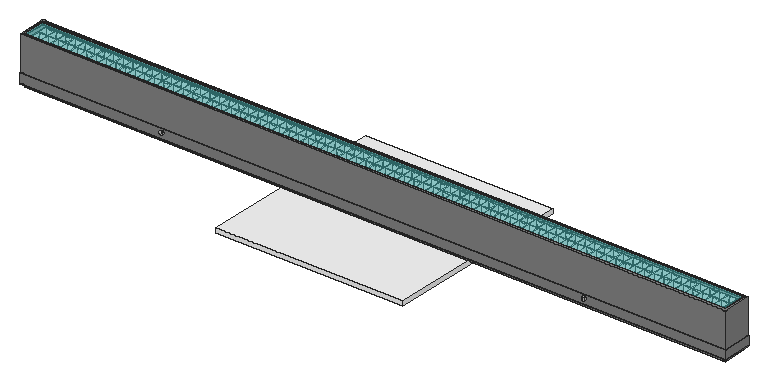
Revit family "BE_24311_de_DE", category Leuchten, Revit 2020
Family settings
  Basisbauteil = Fläche
  Bemaßung runder Anschluss = Durchmesser verwenden
  Teiletyp = Normal
  Beim Laden mit Abzugskörper schneiden = Ja
  Lichtquelle = Ja
  Gemeinsam genutzt = Nein
  Raumberechnungspunkt = Ja
Parameters (values of type "BEGA_24311_Grafit_K4")
  built-in parameter 1150104 = 16.606 (stored number, unit not read)
  Wattage = 48 W
  Default Elevation = 0 mm
  built-in parameter 1150113 = 1 (stored number, unit not read)
  built-in parameter 1114218 = 1 (stored number, unit not read)
  Umgebungstemperatur = "25 °C"
  URL = "https://www.bega.com/de/produkt/24311"
  Typenkommentare = "© 2022 BEGA. Wir behalten uns das Recht vor, technische Änderungen ohne vorherige Ankündigung vorzunehmen."  # constant formula
  Type Image = 24311.png
  built-in parameter 1150134 = 12
  built-in parameter 1150109 = 1 (stored number, unit not read)
  Strom = ""
  built-in parameter 1150110 = 1 (stored number, unit not read)
  Spannung = 239.996 V
  Sonderanfertigung = no
  Seriennummer [instance] = "Hier können Sie die eindeutige Seriennummer für das Facility Management eintragen."
  Schutzklasse = "I"
  Schutzart = "IP 65"
  Scheinlast = 0 VA
  Produktdatenblatt = "https://cdn.bega.com/bega/products/24311K3/current/documents/data-sheets/de"
  Oberflächentemperatur = ""
  Neigungswinkel = 0.00°
  Modell = "24311K4"
  Material_17 = BEGA_Reflektor
  Material_15 = BEGA_Leuchtmedium_matt
  Material_11 = BEGA_Glas_opal
  Material_09 = BEGA_Glas_klar
  Material_06 = BEGA_Oberfläche_Edelstahl_gebürstet
  Material_05 = BEGA_Oberfläche_Aluminium Guss
  Material_03 = BEGA_Oberfläche_Weiss_matt
  Material_02 = BEGA_Oberfläche_Silber_matt
  Material_01 [instance] = BEGA_Oberfläche_Grafit_matt
  M_W = no
  M_G = yes
  M_A = no
  Logo = 0
  built-in parameter 1114217 = 1 (stored number, unit not read)
  built-in parameter 1150139 = (empty or 0)
  built-in parameter 1150105 = 682.77 (stored number, unit not read)
  built-in parameter 1150114 = 1 (stored number, unit not read)
  Lumens = 8580 lm
  built-in parameter 1150115 = 1 (stored number, unit not read)
  Leuchtenlichtstrom = "4926 lm"
  Leuchtenanzahl = ""
  Lebensdauerkriterien = "L70B50 @ 25 °C = 200000 h"
  Lastklassifizierung = Beleuchtung
  built-in parameter 1150112 = 1 (stored number, unit not read)
  Lampenlichtstrom = "9090 lm"
  Lampe = "LED 47.4 W"
  LED_Modulbezeichnung = "LED-0772/840"
  built-in parameter 1150142 = (empty or 0)
  Hersteller = "BEGA"  # constant formula
  Halbstreuwinkel = ""
  Gewicht = "9.35 kg"
  Gebrauchslageneinschränkung [instance] = ""
  Frequenz = "0/50-60 Hz"
  Farbwiedergabeindex = "CRI > 80"
  Farbtemperaturverschiebung bei Dämpfen der Lampe = <Keine Auswahl>
  Farbtemperatur = "4000 K"
  Color Filter = 16777215
  built-in parameter 1150133 = 10 (stored number, unit not read)
  Energieeffizienzklasse = "LED A++ - A"
  built-in parameter 1150137 = (empty or 0)
  built-in parameter 1150132 = (empty or 0)
  ENEC = "ja"
  Dimmbar [instance] = "DALI"
  Datei für fotometrisches Netz = "BE_24311K4.IES"
  CE_Konformität = "ja"
  Bestellnummer = "24311K4"
  Beschreibung_Sonderanfertigung = "Hier können Sie Informationen zur Sonderanfertigung eintragen."
  Beschreibung = "Deckenaufbau-Tiefstrahler"
  built-in parameter 1150106 = 6.8277 (stored number, unit not read)
  Befestigungsbohrung = "Ø 7 mm"
  Befestigungsabstand = "1100 mm"
  Ballwurfsicher = ""
  BEGA_Intern_aus = yes
  BEGA_Intern_an = yes
  BEGA_Intern_Konstruktion = yes
  BEGA_Intern = yes
  BEGA_IES = yes
  BEGA_Dummy = no
  Anschlussleitung = ""
  Anschlussleistung [instance] = "54.4 W"
  Anschlusskasten = ""
  built-in parameter 1150107 = 4000 (stored number, unit not read)
  built-in parameter 1150102 = (empty or 0)
  built-in parameter 1150138 = (empty or 0)
  Aktualisierung = "2022-05-18T04:00:07"
  Abstand_zur_angestrahlten_Fläche [instance] = ""
  AC/DC = "AC/DC"
Types (2, lengths in mm): name | built-in parameter 1150104 | built-in parameter 1150134 | Modell | built-in parameter 1150105 | Lumens | Leuchtenlichtstrom | Lampenlichtstrom | LED_Modulbezeichnung | Farbtemperatur | Datei für fotometrisches Netz | Bestellnummer | built-in parameter 1150106 | built-in parameter 1150107
  BEGA_24311_Grafit_K4 | 16.606 (stored number, unit not read) | 12 | "24311K4" | 682.77 (stored number, unit not read) | 8580 lm | "4926 lm" | "9090 lm" | "LED-0772/840" | "4000 K" | "BE_24311K4.IES" | "24311K4" | 6.8277 (stored number, unit not read) | 4000 (stored number, unit not read)
  BEGA_24311_Grafit_K3 | 16.258 (stored number, unit not read) | (empty or 0) | "24311K3" | 668.45 (stored number, unit not read) | 8400 lm | "4791 lm" | "8850 lm" | "LED-0772/830" | "3000 K" | "BE_24311K3.IES" | "24311K3" | 6.6845 (stored number, unit not read) | 3000 (stored number, unit not read)
Reference planes
  plane 1 "Mitte (Vorne/Hinten)": y = 0
  plane 2: z = 0
  plane 3 "Mitte (Links/Rechts)": x = 0
  plane 4 "Links": x = -751.985
  plane 5 "Rechts": x = 751.985
  plane 6 "Unten": y = -30
  plane 7 "Oben": y = 30
  plane 8 "Vorne": z = 101
  plane 9 "Hinten": z = 0
Forms (mm)
  Extrusion 1, solid, material "BEGA_Platte_Weiss"
    sketch origin (0, -1119.2, 0) x (1, 0, 0) y (0, 1, 0)
      loop
        line (-200, 1319.2) -> (-200, 919.2) -> (200, 919.2) -> (200, 1319.2) -> (-200, 1319.2)
    from 0 to -10
  Extrusion 2, solid, material "BEGA_Dummy_matt", visible <- "BEGA_Dummy"
    sketch origin (80.095, -76.023, 0) x (1, 0, 0) y (0, 1, 0)
      loop
        line (-832.08, 106.023) -> (-832.08, 46.023) -> (671.889, 46.023) -> (671.889, 106.023) -> (-832.08, 106.023)
    from 0 to 101
Dimensions and locks
  plane 1 "Mitte (Vorne/Hinten)" to Extrusion 1 = 200 mm
  aligned and locked: plane 2 to Extrusion 1
  aligned and locked: level to Extrusion 1
Nested families
  nested 1: "BE_24311" at (0, 0, 0) x (-1, 0, 0) z (0, 0, 1), type "BE_24311"
Connectors
  electrical at (0, 0, 0), driven by "Lastklassifizierung", driven by "Spannung", driven by "Scheinlast"
    settings: index 1, voltage 239.996 V, apparent load 0 VA, apparent load phase1 0 VA, apparent load phase2 0 VA, apparent load phase3 0 VA, power factor 1, load classification "Beleuchtung", number of poles 1, system type 31, power factor state 1, is connector primary yes, connector utility no, sub classification motor no, connector description ""
Definition of nested family "BE_24311"
  Parameters (values of type "BE_24311")
    Default Elevation = 1 mm
    URL = "http://www.bega.de/de/produkt"
    Type Comments = "© 2015 BEGA. Wir behalten uns das Recht vor, technische Änderungen ohne vorherige Ankündigung vorzunehmen. "  # constant formula
    Type Image = (empty or 0)
    Neigungswinkel_um_Z2 = 0.00°
    Neigungswinkel_um_Z1 = 0.00°
    Neigungswinkel_um_Y2 = 0.00°
    Neigungswinkel_um_Y1 = 0.00°
    Neigungswinkel_um_X2 = 0.00°
    Neigungswinkel_um_X1 = 0.00°
    Material_17 = none
    Material_15 = none
    Material_11 = none
    Material_09 = none
    Material_06 = none
    Material_05 = none
    Material_03 = none
    Material_02 = none
    Material_01 = none
    M_W = yes
    M_G = yes
    M_A = yes
    Länge_Platte = 1700 mm  # constant formula
    Höhe_Platte = -10 mm  # constant formula
    Manufacturer = "BEGA"  # constant formula
    Drehwinkel_um_Z2 = 0.00°
    Drehwinkel_um_Z1 = 0.00°
    Breite_Platte = 200 mm  # constant formula
  Reference planes
    plane 1 "Mitte (Oben/Unten)": y = 0
    plane 2: z = 0
    plane 3 "Mitte (Links/Rechts)": x = 0
    plane 4: z = 101
    plane 5: y = 30
    plane 6: y = -30
    plane 7: x = -751.985
    plane 8: x = 751.985
  Forms (mm)
    Extrusion 1, solid, detail levels medium
      sketch origin (0, 0, 0) x (1, 0, 0) y (0, 1, 0)
        loop
          line (-850, 100) -> (-850, -100) -> (850, -100) -> (850, 100) -> (-850, 100)
      from 0 to -10 <- "Höhe_Platte"
    Extrusion 2, solid, material <- "Material_17", detail levels medium+fine
      sketch origin (0, 0, 0) x (1, 0, 0) y (0, 0, 1)
        loop
          line (-245.223, 94.045) -> (-238.903, 68.352) -> (-238.903, 70.445) -> (-245.2, 96.045) -> (-246.8, 96.045) -> (-253.097, 70.445) -> (-253.097, 68.352) -> (-246.777, 94.045) -> (-245.223, 94.045)
        loop
          line (-232.297, 68.352) -> (-225.977, 94.045) -> (-225.023, 94.045) -> (-218.703, 68.352) -> (-218.703, 70.445) -> (-225, 96.045) -> (-226, 96.045) -> (-232.297, 70.445) -> (-232.297, 68.352)
        loop
          line (-205.8, 96.045) -> (-212.097, 70.445) -> (-212.097, 68.352) -> (-205.777, 94.045) -> (-204.223, 94.045) -> (-197.903, 68.352) -> (-197.903, 70.445) -> (-204.2, 96.045) -> (-205.8, 96.045)
        loop
          line (-185, 96.045) -> (-191.297, 70.445) -> (-191.297, 68.352) -> (-184.977, 94.045) -> (-184.023, 94.045) -> (-177.703, 68.352) -> (-177.703, 70.445) -> (-184, 96.045) -> (-185, 96.045)
        loop
          line (-163.2, 96.045) -> (-164.8, 96.045) -> (-171.097, 70.445) -> (-171.097, 68.352) -> (-164.777, 94.045) -> (-163.223, 94.045) -> (-156.903, 68.352) -> (-156.903, 70.445) -> (-163.2, 96.045)
        loop
          line (-144, 96.045) -> (-150.297, 70.445) -> (-150.297, 68.352) -> (-143.977, 94.045) -> (-143.023, 94.045) -> (-136.703, 68.352) -> (-136.703, 70.445) -> (-143, 96.045) -> (-144, 96.045)
        loop
          line (-123.777, 94.045) -> (-122.223, 94.045) -> (-115.903, 68.352) -> (-115.903, 70.445) -> (-122.2, 96.045) -> (-123.8, 96.045) -> (-130.097, 70.445) -> (-130.097, 68.352) -> (-123.777, 94.045)
        loop
          line (-102, 96.045) -> (-103, 96.045) -> (-109.297, 70.445) -> (-109.297, 68.352) -> (-102.977, 94.045) -> (-102.023, 94.045) -> (-95.703, 68.352) -> (-95.703, 70.445) -> (-102, 96.045)
        loop
          line (-89.097, 68.352) -> (-82.777, 94.045) -> (-81.223, 94.045) -> (-74.903, 68.352) -> (-74.903, 70.445) -> (-81.2, 96.045) -> (-82.8, 96.045) -> (-89.097, 70.445) -> (-89.097, 68.352)
        loop
          line (-68.297, 68.352) -> (-61.977, 94.045) -> (-61.023, 94.045) -> (-54.703, 68.352) -> (-54.703, 70.445) -> (-61, 96.045) -> (-62, 96.045) -> (-68.297, 70.445) -> (-68.297, 68.352)
        loop
          line (-41.8, 96.045) -> (-48.097, 70.445) -> (-48.097, 68.352) -> (-41.777, 94.045) -> (-40.223, 94.045) -> (-33.903, 68.352) -> (-33.903, 70.445) -> (-40.2, 96.045) -> (-41.8, 96.045)
        loop
          line (-20.977, 94.045) -> (-20.023, 94.045) -> (-13.703, 68.352) -> (-13.703, 70.445) -> (-20, 96.045) -> (-21, 96.045) -> (-27.297, 70.445) -> (-27.297, 68.352) -> (-20.977, 94.045)
        loop
          line (0.8, 96.045) -> (-0.8, 96.045) -> (-7.097, 70.445) -> (-7.097, 68.352) -> (-0.777, 94.045) -> (0.777, 94.045) -> (7.097, 68.352) -> (7.097, 70.445) -> (0.8, 96.045)
        loop
          line (-286.223, 94.045) -> (-279.903, 68.352) -> (-279.903, 70.445) -> (-286.2, 96.045) -> (-287.8, 96.045) -> (-294.097, 70.445) -> (-294.097, 68.352) -> (-287.777, 94.045) -> (-286.223, 94.045)
        loop
          line (-273.297, 68.352) -> (-266.977, 94.045) -> (-266.023, 94.045) -> (-259.703, 68.352) -> (-259.703, 70.445) -> (-266, 96.045) -> (-267, 96.045) -> (-273.297, 70.445) -> (-273.297, 68.352)
        loop
          line (-327.223, 94.045) -> (-320.903, 68.352) -> (-320.903, 70.445) -> (-327.2, 96.045) -> (-328.8, 96.045) -> (-335.097, 70.445) -> (-335.097, 68.352) -> (-328.777, 94.045) -> (-327.223, 94.045)
        loop
          line (-314.297, 68.352) -> (-307.977, 94.045) -> (-307.023, 94.045) -> (-300.703, 68.352) -> (-300.703, 70.445) -> (-307, 96.045) -> (-308, 96.045) -> (-314.297, 70.445) -> (-314.297, 68.352)
        loop
          line (-368.223, 94.045) -> (-361.903, 68.352) -> (-361.903, 70.445) -> (-368.2, 96.045) -> (-369.8, 96.045) -> (-376.097, 70.445) -> (-376.097, 68.352) -> (-369.777, 94.045) -> (-368.223, 94.045)
        loop
          line (-355.297, 68.352) -> (-348.977, 94.045) -> (-348.023, 94.045) -> (-341.703, 68.352) -> (-341.703, 70.445) -> (-348, 96.045) -> (-349, 96.045) -> (-355.297, 70.445) -> (-355.297, 68.352)
        loop
          line (-409.223, 94.045) -> (-402.903, 68.352) -> (-402.903, 70.445) -> (-409.2, 96.045) -> (-410.8, 96.045) -> (-417.097, 70.445) -> (-417.097, 68.352) -> (-410.777, 94.045) -> (-409.223, 94.045)
        loop
          line (-396.297, 68.352) -> (-389.977, 94.045) -> (-389.023, 94.045) -> (-382.703, 68.352) -> (-382.703, 70.445) -> (-389, 96.045) -> (-390, 96.045) -> (-396.297, 70.445) -> (-396.297, 68.352)
        loop
          line (-450.223, 94.045) -> (-443.903, 68.352) -> (-443.903, 70.445) -> (-450.2, 96.045) -> (-451.8, 96.045) -> (-458.097, 70.445) -> (-458.097, 68.352) -> (-451.777, 94.045) -> (-450.223, 94.045)
        loop
          line (-437.297, 68.352) -> (-430.977, 94.045) -> (-430.023, 94.045) -> (-423.703, 68.352) -> (-423.703, 70.445) -> (-430, 96.045) -> (-431, 96.045) -> (-437.297, 70.445) -> (-437.297, 68.352)
        loop
          line (-491.223, 94.045) -> (-484.903, 68.352) -> (-484.903, 70.445) -> (-491.2, 96.045) -> (-492.8, 96.045) -> (-499.097, 70.445) -> (-499.097, 68.352) -> (-492.777, 94.045) -> (-491.223, 94.045)
        loop
          line (-478.297, 68.352) -> (-471.977, 94.045) -> (-471.023, 94.045) -> (-464.703, 68.352) -> (-464.703, 70.445) -> (-471, 96.045) -> (-472, 96.045) -> (-478.297, 70.445) -> (-478.297, 68.352)
        loop
          line (-738.5, 95.215) -> (-737.511, 95.215) -> (-730.903, 68.352) -> (-730.903, 70.445) -> (-737.2, 96.045) -> (-738.5, 96.045) -> (-738.5, 95.215)
        loop
          line (-532.223, 94.045) -> (-525.903, 68.352) -> (-525.903, 70.445) -> (-532.2, 96.045) -> (-533.8, 96.045) -> (-540.097, 70.445) -> (-540.097, 68.352) -> (-533.777, 94.045) -> (-532.223, 94.045)
        loop
          line (-519.297, 68.352) -> (-512.977, 94.045) -> (-512.023, 94.045) -> (-505.703, 68.352) -> (-505.703, 70.445) -> (-512, 96.045) -> (-513, 96.045) -> (-519.297, 70.445) -> (-519.297, 68.352)
        loop
          line (-573.223, 94.045) -> (-566.903, 68.352) -> (-566.903, 70.445) -> (-573.2, 96.045) -> (-574.8, 96.045) -> (-581.097, 70.445) -> (-581.097, 68.352) -> (-574.777, 94.045) -> (-573.223, 94.045)
        loop
          line (-560.297, 68.352) -> (-553.977, 94.045) -> (-553.023, 94.045) -> (-546.703, 68.352) -> (-546.703, 70.445) -> (-553, 96.045) -> (-554, 96.045) -> (-560.297, 70.445) -> (-560.297, 68.352)
        loop
          line (-614.223, 94.045) -> (-607.903, 68.352) -> (-607.903, 70.445) -> (-614.2, 96.045) -> (-615.8, 96.045) -> (-622.097, 70.445) -> (-622.097, 68.352) -> (-615.777, 94.045) -> (-614.223, 94.045)
        loop
          line (-601.297, 68.352) -> (-594.977, 94.045) -> (-594.023, 94.045) -> (-587.703, 68.352) -> (-587.703, 70.445) -> (-594, 96.045) -> (-595, 96.045) -> (-601.297, 70.445) -> (-601.297, 68.352)
        loop
          line (-655.223, 94.045) -> (-648.903, 68.352) -> (-648.903, 70.445) -> (-655.2, 96.045) -> (-656.8, 96.045) -> (-663.097, 70.445) -> (-663.097, 68.352) -> (-656.777, 94.045) -> (-655.223, 94.045)
        loop
          line (-642.297, 68.352) -> (-635.977, 94.045) -> (-635.023, 94.045) -> (-628.703, 68.352) -> (-628.703, 70.445) -> (-635, 96.045) -> (-636, 96.045) -> (-642.297, 70.445) -> (-642.297, 68.352)
        loop
          line (-696.223, 94.045) -> (-689.903, 68.352) -> (-689.903, 70.445) -> (-696.2, 96.045) -> (-697.8, 96.045) -> (-704.098, 70.445) -> (-704.098, 68.352) -> (-697.777, 94.045) -> (-696.223, 94.045)
        loop
          line (-683.297, 68.352) -> (-676.977, 94.045) -> (-676.023, 94.045) -> (-669.703, 68.352) -> (-669.703, 70.445) -> (-676, 96.045) -> (-677, 96.045) -> (-683.297, 70.445) -> (-683.297, 68.352)
        loop
          line (-724.298, 68.352) -> (-717.977, 94.045) -> (-717.023, 94.045) -> (-710.703, 68.352) -> (-710.703, 70.445) -> (-717, 96.045) -> (-718, 96.045) -> (-724.298, 70.445) -> (-724.298, 68.352)
        loop
          line (245.223, 94.045) -> (246.777, 94.045) -> (253.097, 68.352) -> (253.097, 70.445) -> (246.8, 96.045) -> (245.2, 96.045) -> (238.903, 70.445) -> (238.903, 68.352) -> (245.223, 94.045)
        loop
          line (232.297, 68.352) -> (232.297, 70.445) -> (226, 96.045) -> (225, 96.045) -> (218.703, 70.445) -> (218.703, 68.352) -> (225.023, 94.045) -> (225.977, 94.045) -> (232.297, 68.352)
        loop
          line (205.8, 96.045) -> (204.2, 96.045) -> (197.903, 70.445) -> (197.903, 68.352) -> (204.223, 94.045) -> (205.777, 94.045) -> (212.097, 68.352) -> (212.097, 70.445) -> (205.8, 96.045)
        loop
          line (185, 96.045) -> (184, 96.045) -> (177.703, 70.445) -> (177.703, 68.352) -> (184.023, 94.045) -> (184.977, 94.045) -> (191.297, 68.352) -> (191.297, 70.445) -> (185, 96.045)
        loop
          line (163.2, 96.045) -> (156.903, 70.445) -> (156.903, 68.352) -> (163.223, 94.045) -> (164.777, 94.045) -> (171.097, 68.352) -> (171.097, 70.445) -> (164.8, 96.045) -> (163.2, 96.045)
        loop
          line (144, 96.045) -> (143, 96.045) -> (136.703, 70.445) -> (136.703, 68.352) -> (143.023, 94.045) -> (143.977, 94.045) -> (150.297, 68.352) -> (150.297, 70.445) -> (144, 96.045)
        loop
          line (123.777, 94.045) -> (130.097, 68.352) -> (130.097, 70.445) -> (123.8, 96.045) -> (122.2, 96.045) -> (115.903, 70.445) -> (115.903, 68.352) -> (122.223, 94.045) -> (123.777, 94.045)
        loop
          line (102, 96.045) -> (95.703, 70.445) -> (95.703, 68.352) -> (102.023, 94.045) -> (102.977, 94.045) -> (109.297, 68.352) -> (109.297, 70.445) -> (103, 96.045) -> (102, 96.045)
        loop
          line (89.097, 68.352) -> (89.097, 70.445) -> (82.8, 96.045) -> (81.2, 96.045) -> (74.903, 70.445) -> (74.903, 68.352) -> (81.223, 94.045) -> (82.777, 94.045) -> (89.097, 68.352)
        loop
          line (68.297, 68.352) -> (68.297, 70.445) -> (62, 96.045) -> (61, 96.045) -> (54.703, 70.445) -> (54.703, 68.352) -> (61.023, 94.045) -> (61.977, 94.045) -> (68.297, 68.352)
        loop
          line (41.8, 96.045) -> (40.2, 96.045) -> (33.903, 70.445) -> (33.903, 68.352) -> (40.223, 94.045) -> (41.777, 94.045) -> (48.097, 68.352) -> (48.097, 70.445) -> (41.8, 96.045)
        loop
          line (20.977, 94.045) -> (27.297, 68.352) -> (27.297, 70.445) -> (21, 96.045) -> (20, 96.045) -> (13.703, 70.445) -> (13.703, 68.352) -> (20.023, 94.045) -> (20.977, 94.045)
        loop
          line (286.223, 94.045) -> (287.777, 94.045) -> (294.097, 68.352) -> (294.097, 70.445) -> (287.8, 96.045) -> (286.2, 96.045) -> (279.903, 70.445) -> (279.903, 68.352) -> (286.223, 94.045)
        loop
          line (273.297, 68.352) -> (273.297, 70.445) -> (267, 96.045) -> (266, 96.045) -> (259.703, 70.445) -> (259.703, 68.352) -> (266.023, 94.045) -> (266.977, 94.045) -> (273.297, 68.352)
        loop
          line (327.223, 94.045) -> (328.777, 94.045) -> (335.097, 68.352) -> (335.097, 70.445) -> (328.8, 96.045) -> (327.2, 96.045) -> (320.903, 70.445) -> (320.903, 68.352) -> (327.223, 94.045)
        loop
          line (314.297, 68.352) -> (314.297, 70.445) -> (308, 96.045) -> (307, 96.045) -> (300.703, 70.445) -> (300.703, 68.352) -> (307.023, 94.045) -> (307.977, 94.045) -> (314.297, 68.352)
        loop
          line (368.223, 94.045) -> (369.777, 94.045) -> (376.097, 68.352) -> (376.097, 70.445) -> (369.8, 96.045) -> (368.2, 96.045) -> (361.903, 70.445) -> (361.903, 68.352) -> (368.223, 94.045)
        loop
          line (355.297, 68.352) -> (355.297, 70.445) -> (349, 96.045) -> (348, 96.045) -> (341.703, 70.445) -> (341.703, 68.352) -> (348.023, 94.045) -> (348.977, 94.045) -> (355.297, 68.352)
        loop
          line (409.223, 94.045) -> (410.777, 94.045) -> (417.097, 68.352) -> (417.097, 70.445) -> (410.8, 96.045) -> (409.2, 96.045) -> (402.903, 70.445) -> (402.903, 68.352) -> (409.223, 94.045)
        loop
          line (396.297, 68.352) -> (396.297, 70.445) -> (390, 96.045) -> (389, 96.045) -> (382.703, 70.445) -> (382.703, 68.352) -> (389.023, 94.045) -> (389.977, 94.045) -> (396.297, 68.352)
        loop
          line (450.223, 94.045) -> (451.777, 94.045) -> (458.097, 68.352) -> (458.097, 70.445) -> (451.8, 96.045) -> (450.2, 96.045) -> (443.903, 70.445) -> (443.903, 68.352) -> (450.223, 94.045)
        loop
          line (437.297, 68.352) -> (437.297, 70.445) -> (431, 96.045) -> (430, 96.045) -> (423.703, 70.445) -> (423.703, 68.352) -> (430.023, 94.045) -> (430.977, 94.045) -> (437.297, 68.352)
        loop
          line (491.223, 94.045) -> (492.777, 94.045) -> (499.097, 68.352) -> (499.097, 70.445) -> (492.8, 96.045) -> (491.2, 96.045) -> (484.903, 70.445) -> (484.903, 68.352) -> (491.223, 94.045)
        loop
          line (478.297, 68.352) -> (478.297, 70.445) -> (472, 96.045) -> (471, 96.045) -> (464.703, 70.445) -> (464.703, 68.352) -> (471.023, 94.045) -> (471.977, 94.045) -> (478.297, 68.352)
        loop
          line (738.5, 95.215) -> (738.5, 96.045) -> (737.2, 96.045) -> (730.903, 70.445) -> (730.903, 68.352) -> (737.511, 95.215) -> (738.5, 95.215)
        loop
          line (532.223, 94.045) -> (533.777, 94.045) -> (540.097, 68.352) -> (540.097, 70.445) -> (533.8, 96.045) -> (532.2, 96.045) -> (525.903, 70.445) -> (525.903, 68.352) -> (532.223, 94.045)
        loop
          line (519.297, 68.352) -> (519.297, 70.445) -> (513, 96.045) -> (512, 96.045) -> (505.703, 70.445) -> (505.703, 68.352) -> (512.023, 94.045) -> (512.977, 94.045) -> (519.297, 68.352)
        loop
          line (573.223, 94.045) -> (574.777, 94.045) -> (581.097, 68.352) -> (581.097, 70.445) -> (574.8, 96.045) -> (573.2, 96.045) -> (566.903, 70.445) -> (566.903, 68.352) -> (573.223, 94.045)
        loop
          line (560.297, 68.352) -> (560.297, 70.445) -> (554, 96.045) -> (553, 96.045) -> (546.703, 70.445) -> (546.703, 68.352) -> (553.023, 94.045) -> (553.977, 94.045) -> (560.297, 68.352)
        loop
          line (614.223, 94.045) -> (615.777, 94.045) -> (622.097, 68.352) -> (622.097, 70.445) -> (615.8, 96.045) -> (614.2, 96.045) -> (607.903, 70.445) -> (607.903, 68.352) -> (614.223, 94.045)
        loop
          line (601.297, 68.352) -> (601.297, 70.445) -> (595, 96.045) -> (594, 96.045) -> (587.703, 70.445) -> (587.703, 68.352) -> (594.023, 94.045) -> (594.977, 94.045) -> (601.297, 68.352)
        loop
          line (655.223, 94.045) -> (656.777, 94.045) -> (663.097, 68.352) -> (663.097, 70.445) -> (656.8, 96.045) -> (655.2, 96.045) -> (648.903, 70.445) -> (648.903, 68.352) -> (655.223, 94.045)
        loop
          line (642.297, 68.352) -> (642.297, 70.445) -> (636, 96.045) -> (635, 96.045) -> (628.703, 70.445) -> (628.703, 68.352) -> (635.023, 94.045) -> (635.977, 94.045) -> (642.297, 68.352)
        loop
          line (696.223, 94.045) -> (697.777, 94.045) -> (704.098, 68.352) -> (704.098, 70.445) -> (697.8, 96.045) -> (696.2, 96.045) -> (689.903, 70.445) -> (689.903, 68.352) -> (696.223, 94.045)
        loop
          line (683.297, 68.352) -> (683.297, 70.445) -> (677, 96.045) -> (676, 96.045) -> (669.703, 70.445) -> (669.703, 68.352) -> (676.023, 94.045) -> (676.977, 94.045) -> (683.297, 68.352)
        loop
          line (724.298, 68.352) -> (724.298, 70.445) -> (718, 96.045) -> (717, 96.045) -> (710.703, 70.445) -> (710.703, 68.352) -> (717.023, 94.045) -> (717.977, 94.045) -> (724.298, 68.352)
      from -21 to 21
    Extrusion 3, solid, material <- "Material_17", detail levels medium+fine
      sketch origin (0, 0, 0) x (0, 1, 0) y (0, 0, 1)
        loop
          line (20.011, 95.215) -> (21.642, 95.215) -> (21.642, 96.045) -> (19.7, 96.045) -> (13.403, 70.445) -> (13.403, 68.352) -> (20.011, 95.215)
        loop
          line (6.797, 68.352) -> (6.797, 70.445) -> (0.5, 96.045) -> (-0.5, 96.045) -> (-6.797, 70.445) -> (-6.797, 68.352) -> (-0.477, 94.045) -> (0.477, 94.045) -> (6.797, 68.352)
        loop
          line (-19.7, 96.045) -> (-21.486, 96.045) -> (-21.486, 95.215) -> (-20.011, 95.215) -> (-13.403, 68.352) -> (-13.403, 70.445) -> (-19.7, 96.045)
      from -738.5 to 738.5
    Sweep 4, solid, material <- "Material_01", detail levels medium+fine
      path origin (0, 0, 0) x (1, 0, 0) y (0, 1, 0)
        loop
          line (-752, 30) -> (-752, -30) -> (752, -30) -> (752, 30) -> (-752, 30)
      profile origin (0, 30, 0) x (0, 1, 0) y (0, 0, 1)
        loop
          line (-0.5, 101) -> (-3.044, 101) -> (-4.682, 96.5) -> (-8, 96.5) -> (-8, 94) -> (-2.8, 94) -> (-2.8, 26) -> (-0.5, 26)
          arc (-0.5, 26) -> (-0.146, 26.146) -> (0, 26.5) r 0.5
          line (0, 26.5) -> (0, 100.5)
          arc (0, 100.5) -> (-0.146, 100.854) -> (-0.5, 101) r 0.5
    Extrusion 5, solid, material <- "Material_01", detail levels medium+fine
      sketch origin (0, 0, 0) x (1, 0, 0) y (0, 0, 1)
        loop
          line (738.5, 94) -> (744, 94) -> (744, 96.5) -> (738.5, 96.5) -> (738.5, 94)
        loop
          line (-738.5, 94) -> (-738.5, 96.5) -> (-744, 96.5) -> (-744, 94) -> (-738.5, 94)
      from -22.05 to 22.05
    Extrusion 6, solid, material <- "Material_09", detail levels medium+fine
      sketch origin (0, 0, 0) x (0, 1, 0) y (0, 0, 1)
        loop
          line (25, 96.7) -> (25, 100.7) -> (-25, 100.7) -> (-25, 96.7) -> (25, 96.7)
      from -747 to 747
    Extrusion 7, solid, material <- "Material_15", detail levels medium+fine
      sketch origin (0, 0, 0) x (1, 0, 0) y (0, 1, 0)
        loop
          line (-237, 11.5) -> (-237, 8.5) -> (-234, 8.5) -> (-234, 11.5) -> (-237, 11.5)
        loop
          line (-217, 11.5) -> (-217, 8.5) -> (-214, 8.5) -> (-214, 11.5) -> (-217, 11.5)
        loop
          line (-196, 11.5) -> (-196, 8.5) -> (-193, 8.5) -> (-193, 11.5) -> (-196, 11.5)
        loop
          line (-176, 11.5) -> (-176, 8.5) -> (-173, 8.5) -> (-173, 11.5) -> (-176, 11.5)
        loop
          line (-155, 11.5) -> (-155, 8.5) -> (-152, 8.5) -> (-152, 11.5) -> (-155, 11.5)
        loop
          line (-135, 11.5) -> (-135, 8.5) -> (-132, 8.5) -> (-132, 11.5) -> (-135, 11.5)
        loop
          line (-114, 11.5) -> (-114, 8.5) -> (-111, 8.5) -> (-111, 11.5) -> (-114, 11.5)
        loop
          line (-94, 11.5) -> (-94, 8.5) -> (-91, 8.5) -> (-91, 11.5) -> (-94, 11.5)
        loop
          line (-73, 11.5) -> (-73, 8.5) -> (-70, 8.5) -> (-70, 11.5) -> (-73, 11.5)
        loop
          line (-53, 11.5) -> (-53, 8.5) -> (-50, 8.5) -> (-50, 11.5) -> (-53, 11.5)
        loop
          line (-32, 11.5) -> (-32, 8.5) -> (-29, 8.5) -> (-29, 11.5) -> (-32, 11.5)
        loop
          line (-12, 11.5) -> (-12, 8.5) -> (-9, 8.5) -> (-9, 11.5) -> (-12, 11.5)
        loop
          line (-237, -11.5) -> (-234, -11.5) -> (-234, -8.5) -> (-237, -8.5) -> (-237, -11.5)
        loop
          line (-217, -11.5) -> (-214, -11.5) -> (-214, -8.5) -> (-217, -8.5) -> (-217, -11.5)
        loop
          line (-196, -11.5) -> (-193, -11.5) -> (-193, -8.5) -> (-196, -8.5) -> (-196, -11.5)
        loop
          line (-176, -11.5) -> (-173, -11.5) -> (-173, -8.5) -> (-176, -8.5) -> (-176, -11.5)
        loop
          line (-155, -11.5) -> (-152, -11.5) -> (-152, -8.5) -> (-155, -8.5) -> (-155, -11.5)
        loop
          line (-135, -11.5) -> (-132, -11.5) -> (-132, -8.5) -> (-135, -8.5) -> (-135, -11.5)
        loop
          line (-114, -11.5) -> (-111, -11.5) -> (-111, -8.5) -> (-114, -8.5) -> (-114, -11.5)
        loop
          line (-94, -11.5) -> (-91, -11.5) -> (-91, -8.5) -> (-94, -8.5) -> (-94, -11.5)
        loop
          line (-73, -11.5) -> (-70, -11.5) -> (-70, -8.5) -> (-73, -8.5) -> (-73, -11.5)
        loop
          line (-53, -11.5) -> (-50, -11.5) -> (-50, -8.5) -> (-53, -8.5) -> (-53, -11.5)
        loop
          line (-32, -11.5) -> (-29, -11.5) -> (-29, -8.5) -> (-32, -8.5) -> (-32, -11.5)
        loop
          line (-12, -11.5) -> (-9, -11.5) -> (-9, -8.5) -> (-12, -8.5) -> (-12, -11.5)
        loop
          line (237, 11.5) -> (234, 11.5) -> (234, 8.5) -> (237, 8.5) -> (237, 11.5)
        loop
          line (217, 11.5) -> (214, 11.5) -> (214, 8.5) -> (217, 8.5) -> (217, 11.5)
        loop
          line (196, 11.5) -> (193, 11.5) -> (193, 8.5) -> (196, 8.5) -> (196, 11.5)
        loop
          line (176, 11.5) -> (173, 11.5) -> (173, 8.5) -> (176, 8.5) -> (176, 11.5)
        loop
          line (155, 11.5) -> (152, 11.5) -> (152, 8.5) -> (155, 8.5) -> (155, 11.5)
        loop
          line (135, 11.5) -> (132, 11.5) -> (132, 8.5) -> (135, 8.5) -> (135, 11.5)
        loop
          line (114, 11.5) -> (111, 11.5) -> (111, 8.5) -> (114, 8.5) -> (114, 11.5)
        loop
          line (94, 11.5) -> (91, 11.5) -> (91, 8.5) -> (94, 8.5) -> (94, 11.5)
        loop
          line (73, 11.5) -> (70, 11.5) -> (70, 8.5) -> (73, 8.5) -> (73, 11.5)
        loop
          line (53, 11.5) -> (50, 11.5) -> (50, 8.5) -> (53, 8.5) -> (53, 11.5)
        loop
          line (32, 11.5) -> (29, 11.5) -> (29, 8.5) -> (32, 8.5) -> (32, 11.5)
        loop
          line (12, 11.5) -> (9, 11.5) -> (9, 8.5) -> (12, 8.5) -> (12, 11.5)
        loop
          line (237, -11.5) -> (237, -8.5) -> (234, -8.5) -> (234, -11.5) -> (237, -11.5)
        loop
          line (217, -11.5) -> (217, -8.5) -> (214, -8.5) -> (214, -11.5) -> (217, -11.5)
        loop
          line (196, -11.5) -> (196, -8.5) -> (193, -8.5) -> (193, -11.5) -> (196, -11.5)
        loop
          line (176, -11.5) -> (176, -8.5) -> (173, -8.5) -> (173, -11.5) -> (176, -11.5)
        loop
          line (155, -11.5) -> (155, -8.5) -> (152, -8.5) -> (152, -11.5) -> (155, -11.5)
        loop
          line (135, -11.5) -> (135, -8.5) -> (132, -8.5) -> (132, -11.5) -> (135, -11.5)
        loop
          line (114, -11.5) -> (114, -8.5) -> (111, -8.5) -> (111, -11.5) -> (114, -11.5)
        loop
          line (94, -11.5) -> (94, -8.5) -> (91, -8.5) -> (91, -11.5) -> (94, -11.5)
        loop
          line (73, -11.5) -> (73, -8.5) -> (70, -8.5) -> (70, -11.5) -> (73, -11.5)
        loop
          line (53, -11.5) -> (53, -8.5) -> (50, -8.5) -> (50, -11.5) -> (53, -11.5)
        loop
          line (32, -11.5) -> (32, -8.5) -> (29, -8.5) -> (29, -11.5) -> (32, -11.5)
        loop
          line (12, -11.5) -> (12, -8.5) -> (9, -8.5) -> (9, -11.5) -> (12, -11.5)
        loop
          line (-482.985, 11.5) -> (-482.985, 8.5) -> (-479.985, 8.5) -> (-479.985, 11.5) -> (-482.985, 11.5)
        loop
          line (-462.985, 11.5) -> (-462.985, 8.5) -> (-459.985, 8.5) -> (-459.985, 11.5) -> (-462.985, 11.5)
        loop
          line (-441.985, 11.5) -> (-441.985, 8.5) -> (-438.985, 8.5) -> (-438.985, 11.5) -> (-441.985, 11.5)
        loop
          line (-421.985, 11.5) -> (-421.985, 8.5) -> (-418.985, 8.5) -> (-418.985, 11.5) -> (-421.985, 11.5)
        loop
          line (-400.985, 11.5) -> (-400.985, 8.5) -> (-397.985, 8.5) -> (-397.985, 11.5) -> (-400.985, 11.5)
        loop
          line (-380.985, 11.5) -> (-380.985, 8.5) -> (-377.985, 8.5) -> (-377.985, 11.5) -> (-380.985, 11.5)
        loop
          line (-359.985, 11.5) -> (-359.985, 8.5) -> (-356.985, 8.5) -> (-356.985, 11.5) -> (-359.985, 11.5)
        loop
          line (-339.985, 11.5) -> (-339.985, 8.5) -> (-336.985, 8.5) -> (-336.985, 11.5) -> (-339.985, 11.5)
        loop
          line (-318.985, 11.5) -> (-318.985, 8.5) -> (-315.985, 8.5) -> (-315.985, 11.5) -> (-318.985, 11.5)
        loop
          line (-298.985, 11.5) -> (-298.985, 8.5) -> (-295.985, 8.5) -> (-295.985, 11.5) -> (-298.985, 11.5)
        loop
          line (-277.985, 11.5) -> (-277.985, 8.5) -> (-274.985, 8.5) -> (-274.985, 11.5) -> (-277.985, 11.5)
        loop
          line (-257.985, 11.5) -> (-257.985, 8.5) -> (-254.985, 8.5) -> (-254.985, 11.5) -> (-257.985, 11.5)
        loop
          line (-482.985, -11.5) -> (-479.985, -11.5) -> (-479.985, -8.5) -> (-482.985, -8.5) -> (-482.985, -11.5)
        loop
          line (-462.985, -11.5) -> (-459.985, -11.5) -> (-459.985, -8.5) -> (-462.985, -8.5) -> (-462.985, -11.5)
        loop
          line (-441.985, -11.5) -> (-438.985, -11.5) -> (-438.985, -8.5) -> (-441.985, -8.5) -> (-441.985, -11.5)
        loop
          line (-421.985, -11.5) -> (-418.985, -11.5) -> (-418.985, -8.5) -> (-421.985, -8.5) -> (-421.985, -11.5)
        loop
          line (-400.985, -11.5) -> (-397.985, -11.5) -> (-397.985, -8.5) -> (-400.985, -8.5) -> (-400.985, -11.5)
        loop
          line (-380.985, -11.5) -> (-377.985, -11.5) -> (-377.985, -8.5) -> (-380.985, -8.5) -> (-380.985, -11.5)
        loop
          line (-359.985, -11.5) -> (-356.985, -11.5) -> (-356.985, -8.5) -> (-359.985, -8.5) -> (-359.985, -11.5)
        loop
          line (-339.985, -11.5) -> (-336.985, -11.5) -> (-336.985, -8.5) -> (-339.985, -8.5) -> (-339.985, -11.5)
        loop
          line (-318.985, -11.5) -> (-315.985, -11.5) -> (-315.985, -8.5) -> (-318.985, -8.5) -> (-318.985, -11.5)
        loop
          line (-298.985, -11.5) -> (-295.985, -11.5) -> (-295.985, -8.5) -> (-298.985, -8.5) -> (-298.985, -11.5)
        loop
          line (-277.985, -11.5) -> (-274.985, -11.5) -> (-274.985, -8.5) -> (-277.985, -8.5) -> (-277.985, -11.5)
        loop
          line (-257.985, -11.5) -> (-254.985, -11.5) -> (-254.985, -8.5) -> (-257.985, -8.5) -> (-257.985, -11.5)
        loop
          line (483, 11.5) -> (480, 11.5) -> (480, 8.5) -> (483, 8.5) -> (483, 11.5)
        loop
          line (463, 11.5) -> (460, 11.5) -> (460, 8.5) -> (463, 8.5) -> (463, 11.5)
        loop
          line (442, 11.5) -> (439, 11.5) -> (439, 8.5) -> (442, 8.5) -> (442, 11.5)
        loop
          line (422, 11.5) -> (419, 11.5) -> (419, 8.5) -> (422, 8.5) -> (422, 11.5)
        loop
          line (401, 11.5) -> (398, 11.5) -> (398, 8.5) -> (401, 8.5) -> (401, 11.5)
        loop
          line (381, 11.5) -> (378, 11.5) -> (378, 8.5) -> (381, 8.5) -> (381, 11.5)
        loop
          line (360, 11.5) -> (357, 11.5) -> (357, 8.5) -> (360, 8.5) -> (360, 11.5)
        loop
          line (340, 11.5) -> (337, 11.5) -> (337, 8.5) -> (340, 8.5) -> (340, 11.5)
        loop
          line (319, 11.5) -> (316, 11.5) -> (316, 8.5) -> (319, 8.5) -> (319, 11.5)
        loop
          line (299, 11.5) -> (296, 11.5) -> (296, 8.5) -> (299, 8.5) -> (299, 11.5)
        loop
          line (278, 11.5) -> (275, 11.5) -> (275, 8.5) -> (278, 8.5) -> (278, 11.5)
        loop
          line (258, 11.5) -> (255, 11.5) -> (255, 8.5) -> (258, 8.5) -> (258, 11.5)
        loop
          line (483, -11.5) -> (483, -8.5) -> (480, -8.5) -> (480, -11.5) -> (483, -11.5)
        loop
          line (463, -11.5) -> (463, -8.5) -> (460, -8.5) -> (460, -11.5) -> (463, -11.5)
        loop
          line (442, -11.5) -> (442, -8.5) -> (439, -8.5) -> (439, -11.5) -> (442, -11.5)
        loop
          line (422, -11.5) -> (422, -8.5) -> (419, -8.5) -> (419, -11.5) -> (422, -11.5)
        loop
          line (401, -11.5) -> (401, -8.5) -> (398, -8.5) -> (398, -11.5) -> (401, -11.5)
        loop
          line (381, -11.5) -> (381, -8.5) -> (378, -8.5) -> (378, -11.5) -> (381, -11.5)
        loop
          line (360, -11.5) -> (360, -8.5) -> (357, -8.5) -> (357, -11.5) -> (360, -11.5)
        loop
          line (340, -11.5) -> (340, -8.5) -> (337, -8.5) -> (337, -11.5) -> (340, -11.5)
        loop
          line (319, -11.5) -> (319, -8.5) -> (316, -8.5) -> (316, -11.5) -> (319, -11.5)
        loop
          line (299, -11.5) -> (299, -8.5) -> (296, -8.5) -> (296, -11.5) -> (299, -11.5)
        loop
          line (278, -11.5) -> (278, -8.5) -> (275, -8.5) -> (275, -11.5) -> (278, -11.5)
        loop
          line (258, -11.5) -> (258, -8.5) -> (255, -8.5) -> (255, -11.5) -> (258, -11.5)
        loop
          line (-729, 11.5) -> (-729, 8.5) -> (-726, 8.5) -> (-726, 11.5) -> (-729, 11.5)
        loop
          line (-709, 11.5) -> (-709, 8.5) -> (-706, 8.5) -> (-706, 11.5) -> (-709, 11.5)
        loop
          line (-688, 11.5) -> (-688, 8.5) -> (-685, 8.5) -> (-685, 11.5) -> (-688, 11.5)
        loop
          line (-668, 11.5) -> (-668, 8.5) -> (-665, 8.5) -> (-665, 11.5) -> (-668, 11.5)
        loop
          line (-647, 11.5) -> (-647, 8.5) -> (-644, 8.5) -> (-644, 11.5) -> (-647, 11.5)
        loop
          line (-627, 11.5) -> (-627, 8.5) -> (-624, 8.5) -> (-624, 11.5) -> (-627, 11.5)
        loop
          line (-606, 11.5) -> (-606, 8.5) -> (-603, 8.5) -> (-603, 11.5) -> (-606, 11.5)
        loop
          line (-586, 11.5) -> (-586, 8.5) -> (-583, 8.5) -> (-583, 11.5) -> (-586, 11.5)
        loop
          line (-565, 11.5) -> (-565, 8.5) -> (-562, 8.5) -> (-562, 11.5) -> (-565, 11.5)
        loop
          line (-545, 11.5) -> (-545, 8.5) -> (-542, 8.5) -> (-542, 11.5) -> (-545, 11.5)
        loop
          line (-524, 11.5) -> (-524, 8.5) -> (-521, 8.5) -> (-521, 11.5) -> (-524, 11.5)
        loop
          line (-504, 11.5) -> (-504, 8.5) -> (-501, 8.5) -> (-501, 11.5) -> (-504, 11.5)
        loop
          line (-729, -11.5) -> (-726, -11.5) -> (-726, -8.5) -> (-729, -8.5) -> (-729, -11.5)
        loop
          line (-709, -11.5) -> (-706, -11.5) -> (-706, -8.5) -> (-709, -8.5) -> (-709, -11.5)
        loop
          line (-688, -11.5) -> (-685, -11.5) -> (-685, -8.5) -> (-688, -8.5) -> (-688, -11.5)
        loop
          line (-668, -11.5) -> (-665, -11.5) -> (-665, -8.5) -> (-668, -8.5) -> (-668, -11.5)
        loop
          line (-647, -11.5) -> (-644, -11.5) -> (-644, -8.5) -> (-647, -8.5) -> (-647, -11.5)
        loop
          line (-627, -11.5) -> (-624, -11.5) -> (-624, -8.5) -> (-627, -8.5) -> (-627, -11.5)
        loop
          line (-606, -11.5) -> (-603, -11.5) -> (-603, -8.5) -> (-606, -8.5) -> (-606, -11.5)
        loop
          line (-586, -11.5) -> (-583, -11.5) -> (-583, -8.5) -> (-586, -8.5) -> (-586, -11.5)
        loop
          line (-565, -11.5) -> (-562, -11.5) -> (-562, -8.5) -> (-565, -8.5) -> (-565, -11.5)
        loop
          line (-545, -11.5) -> (-542, -11.5) -> (-542, -8.5) -> (-545, -8.5) -> (-545, -11.5)
        loop
          line (-524, -11.5) -> (-521, -11.5) -> (-521, -8.5) -> (-524, -8.5) -> (-524, -11.5)
        loop
          line (-504, -11.5) -> (-501, -11.5) -> (-501, -8.5) -> (-504, -8.5) -> (-504, -11.5)
        loop
          line (729, 11.5) -> (726, 11.5) -> (726, 8.5) -> (729, 8.5) -> (729, 11.5)
        loop
          line (709, 11.5) -> (706, 11.5) -> (706, 8.5) -> (709, 8.5) -> (709, 11.5)
        loop
          line (688, 11.5) -> (685, 11.5) -> (685, 8.5) -> (688, 8.5) -> (688, 11.5)
        loop
          line (668, 11.5) -> (665, 11.5) -> (665, 8.5) -> (668, 8.5) -> (668, 11.5)
        loop
          line (647, 11.5) -> (644, 11.5) -> (644, 8.5) -> (647, 8.5) -> (647, 11.5)
        loop
          line (627, 11.5) -> (624, 11.5) -> (624, 8.5) -> (627, 8.5) -> (627, 11.5)
        loop
          line (606, 11.5) -> (603, 11.5) -> (603, 8.5) -> (606, 8.5) -> (606, 11.5)
        loop
          line (586, 11.5) -> (583, 11.5) -> (583, 8.5) -> (586, 8.5) -> (586, 11.5)
        loop
          line (565, 11.5) -> (562, 11.5) -> (562, 8.5) -> (565, 8.5) -> (565, 11.5)
        loop
          line (545, 11.5) -> (542, 11.5) -> (542, 8.5) -> (545, 8.5) -> (545, 11.5)
        loop
          line (524, 11.5) -> (521, 11.5) -> (521, 8.5) -> (524, 8.5) -> (524, 11.5)
        loop
          line (504, 11.5) -> (501, 11.5) -> (501, 8.5) -> (504, 8.5) -> (504, 11.5)
        loop
          line (729, -11.5) -> (729, -8.5) -> (726, -8.5) -> (726, -11.5) -> (729, -11.5)
        loop
          line (709, -11.5) -> (709, -8.5) -> (706, -8.5) -> (706, -11.5) -> (709, -11.5)
        loop
          line (688, -11.5) -> (688, -8.5) -> (685, -8.5) -> (685, -11.5) -> (688, -11.5)
        loop
          line (668, -11.5) -> (668, -8.5) -> (665, -8.5) -> (665, -11.5) -> (668, -11.5)
        loop
          line (647, -11.5) -> (647, -8.5) -> (644, -8.5) -> (644, -11.5) -> (647, -11.5)
        loop
          line (627, -11.5) -> (627, -8.5) -> (624, -8.5) -> (624, -11.5) -> (627, -11.5)
        loop
          line (606, -11.5) -> (606, -8.5) -> (603, -8.5) -> (603, -11.5) -> (606, -11.5)
        loop
          line (586, -11.5) -> (586, -8.5) -> (583, -8.5) -> (583, -11.5) -> (586, -11.5)
        loop
          line (565, -11.5) -> (565, -8.5) -> (562, -8.5) -> (562, -11.5) -> (565, -11.5)
        loop
          line (545, -11.5) -> (545, -8.5) -> (542, -8.5) -> (542, -11.5) -> (545, -11.5)
        loop
          line (524, -11.5) -> (524, -8.5) -> (521, -8.5) -> (521, -11.5) -> (524, -11.5)
        loop
          line (504, -11.5) -> (504, -8.5) -> (501, -8.5) -> (501, -11.5) -> (504, -11.5)
      from 70 to 69.119
    Sweep 8, solid, material <- "Material_01", detail levels medium+fine
      path origin (0, 0, 0) x (1, 0, 0) y (0, 1, 0)
        loop
          line (752, 30) -> (-752, 30) -> (-752, -30) -> (752, -30) -> (752, 30)
      profile origin (0, 30, 0) x (0, -1, 0) y (0, 0, 1)
        loop
          arc (0, 6.5) -> (0.146, 6.146) -> (0.5, 6) r 0.5
          line (0.5, 6) -> (5, 6) -> (5, 0) -> (25, 0) -> (25, 10) -> (4, 10) -> (4, 26) -> (0, 26) -> (0, 6.5)
    Extrusion 9, solid, material <- "Material_01", detail levels medium+fine
      sketch origin (0, 0, 0) x (0, 1, 0) y (0, 0, 1)
        loop
          line (5, 10) -> (-5, 10) -> (-5, 0) -> (5, 0) -> (5, 10)
      from 727 to -729.656
    Extrusion 10, void
      sketch origin (0, 0, 0) x (1, 0, 0) y (0, 1, 0)
        loop
          arc (-75, 20) -> (-95, 0) -> (-75, -20) r 20
          line (-75, -20) -> (75, -20)
          arc (75, -20) -> (95, 0) -> (75, 20) r 20
          line (75, 20) -> (-75, 20)
        loop
          arc (545, 3.5) -> (541.5, 0) -> (545, -3.5) r 3.5
          line (545, -3.5) -> (555, -3.5)
          arc (555, -3.5) -> (558.5, 0) -> (555, 3.5) r 3.5
          line (555, 3.5) -> (545, 3.5)
        loop
          arc (-553.5, -5) -> (-550, -8.5) -> (-546.5, -5) r 3.5
          line (-546.5, -5) -> (-546.5, 5)
          arc (-546.5, 5) -> (-550, 8.5) -> (-553.5, 5) r 3.5
          line (-553.5, 5) -> (-553.5, -5)
      from 11.948 to -0.793
    Revolve 11, solid, material <- "Material_06", detail levels fine
      sketch origin (-450, 0, 0) x (0, 1, 0) y (0, 0, 1)
        loop
          line (30, 22.75) -> (30, 18.8) -> (32.2, 18.8) -> (32.2, 22.75) -> (30, 22.75)
        axis (30, 18.8) -> (32.2, 18.8)
      angle from 0 to 360
    Revolve 12, solid, material <- "Material_06", detail levels fine
      sketch origin (450, 0, 0) x (0, 1, 0) y (0, 0, -1)
        loop
          line (30, -22.75) -> (32.2, -22.75) -> (32.2, -18.8) -> (30, -18.8) -> (30, -22.75)
        axis (30, -18.8) -> (32.2, -18.8)
      angle from 0 to 360
  Cuts and joins
    joined: Extrusion 2, Extrusion 3
    joined: Sweep 4, Extrusion 5
    Extrusion 10 cuts Sweep 8
    Extrusion 10 cuts Extrusion 9
    joined: Sweep 8, Extrusion 9
  Dimensions and locks
    equal spacing: Extrusion 1 sketch curve, plane 3 "Mitte (Links/Rechts)", Extrusion 1 sketch curve
    equal spacing: Extrusion 1 sketch curve, plane 1 "Mitte (Oben/Unten)", Extrusion 1 sketch curve
    "Länge_Platte": Extrusion 1 sketch curve to Extrusion 1 sketch curve
    "Breite_Platte": Extrusion 1 sketch curve to Extrusion 1 sketch curve
    aligned and locked: Extrusion 1 to plane 2
    aligned and locked: level to Extrusion 1
  Automatic sketch dimensions
    Extrusion 3 sketch curve to plane 6 = 8.514 mm
    Extrusion 3 sketch curve to Extrusion 3 sketch curve = 1.476 mm
    Extrusion 3 sketch curve to plane 4 = 4.955 mm  (x2)
    Extrusion 3 sketch curve to Extrusion 3 sketch curve = 0.311 mm  (x2)
    plane 1 "Mitte (Oben/Unten)" to Extrusion 3 sketch curve = 13.403 mm
    Extrusion 3 sketch curve to Extrusion 3 sketch curve = 6.605 mm  (x2)
    plane 1 "Mitte (Oben/Unten)" to Extrusion 3 sketch curve = 0.5 mm
    plane 1 "Mitte (Oben/Unten)" to Extrusion 3 sketch curve = 0.477 mm
    Extrusion 3 sketch curve to plane 1 "Mitte (Oben/Unten)" = 0.477 mm
    Extrusion 3 sketch curve to plane 1 "Mitte (Oben/Unten)" = 0.5 mm
    Extrusion 3 sketch curve to plane 1 "Mitte (Oben/Unten)" = 6.797 mm
    Extrusion 3 sketch curve to plane 5 = 10.3 mm
    Extrusion 3 sketch curve to Extrusion 3 sketch curve = 1.631 mm
    Extrusion 3 sketch curve to Extrusion 3 sketch curve = 0.831 mm  (x2)
    Extrusion 3 sketch curve to plane 4 = 6.955 mm
    Extrusion 3 sketch curve to Extrusion 3 sketch curve = 23.6 mm
    Extrusion 3 sketch curve to Extrusion 3 sketch curve = 0 mm  (x3)
    Extrusion 3 sketch curve to Extrusion 3 sketch curve = 2.093 mm  (x4)
    Extrusion 3 sketch curve to Extrusion 3 sketch curve = 2 mm
    Sweep 4 sketch curve to plane 6 = 0 mm
    Sweep 4 sketch curve to plane 5 = 0 mm
    Sweep 4 sketch curve to plane 3 "Mitte (Links/Rechts)" = 752 mm
    plane 3 "Mitte (Links/Rechts)" to Sweep 4 sketch curve = 752 mm
    Sweep 4 sketch curve to profile plane = 0 mm
    profile plane to Sweep 4 sketch curve = 0.5 mm
    Sweep 4 sketch curve to Sweep 4 sketch curve = 0.5 mm
    Sweep 4 sketch curve to Sweep 4 sketch curve = 2.3 mm
    Sweep 4 sketch curve to Sweep 4 sketch curve = 2.544 mm
    Sweep 4 sketch curve to Sweep 4 sketch curve = 1.882 mm
    Sweep 4 sketch curve to Sweep 4 sketch curve = 3.318 mm
    level to Sweep 4 sketch curve = 26 mm
    Sweep 4 sketch curve to Sweep 4 sketch curve = 67.5 mm
    Sweep 4 sketch curve to Sweep 4 sketch curve = 2.5 mm
    Sweep 4 sketch curve to Sweep 4 sketch curve = 4 mm
    Extrusion 5 sketch curve to plane 4 = 7 mm
    Extrusion 5 sketch curve to plane 3 "Mitte (Links/Rechts)" = 744 mm
    Extrusion 5 sketch curve to Extrusion 5 sketch curve = 5.5 mm  (x2)
    Extrusion 5 sketch curve to plane 4 = 4.5 mm
    plane 3 "Mitte (Links/Rechts)" to Extrusion 5 sketch curve = 738.5 mm
    Extrusion 5 sketch curve to Extrusion 5 sketch curve = 2.5 mm  (x2)
    Extrusion 6 sketch curve to plane 6 = 5 mm
    Extrusion 6 sketch curve to plane 4 = 0.3 mm
    Extrusion 6 sketch curve to plane 5 = 5 mm
    Extrusion 6 sketch curve to Extrusion 6 sketch curve = 4 mm
    Sweep 8 sketch curve to plane 5 = 0 mm
    Sweep 8 sketch curve to plane 6 = 0 mm
    Sweep 8 sketch curve to plane 3 "Mitte (Links/Rechts)" = 752 mm
    plane 3 "Mitte (Links/Rechts)" to Sweep 8 sketch curve = 752 mm
    Sweep 8 sketch curve to profile plane = 0 mm
    Sweep 8 sketch curve to level = 0 mm
    Sweep 8 sketch curve to Sweep 8 sketch curve = 0.5 mm
    Sweep 8 sketch curve to Sweep 8 sketch curve = 4 mm  (x2)
    Sweep 8 sketch curve to Sweep 8 sketch curve = 1 mm
    Sweep 8 sketch curve to Sweep 8 sketch curve = 20 mm
    Sweep 8 sketch curve to Sweep 8 sketch curve = 6 mm
    Sweep 8 sketch curve to Sweep 8 sketch curve = 16 mm
    Extrusion 9 sketch curve to level = 0 mm
    plane 1 "Mitte (Oben/Unten)" to Extrusion 9 sketch curve = 5 mm
    Extrusion 9 sketch curve to plane 1 "Mitte (Oben/Unten)" = 5 mm
    Extrusion 9 sketch curve to Extrusion 9 sketch curve = 10 mm
    plane 1 "Mitte (Oben/Unten)" to Extrusion 10 sketch curve = 0 mm  (x2)
    plane 1 "Mitte (Oben/Unten)" to Extrusion 10 sketch curve = 5 mm
    Extrusion 10 sketch curve to plane 3 "Mitte (Links/Rechts)" = 553.5 mm
    Extrusion 10 sketch curve to Extrusion 10 sketch curve = 3.5 mm
    Extrusion 10 sketch curve to plane 3 "Mitte (Links/Rechts)" = 75 mm
    Extrusion 10 sketch curve to plane 6 = 10 mm
    plane 3 "Mitte (Links/Rechts)" to Extrusion 10 sketch curve = 75 mm
    plane 1 "Mitte (Oben/Unten)" to Extrusion 10 sketch curve = 3.5 mm
    Extrusion 10 sketch curve to Extrusion 10 sketch curve = 470 mm
    Extrusion 10 sketch curve to Extrusion 10 sketch curve = 10 mm
    Extrusion 10 sketch curve to plane 1 "Mitte (Oben/Unten)" = 5 mm
    Revolve 11 sketch curve to plane 5 = 0 mm
    Revolve 11 sketch curve to Revolve 11 sketch curve = 2.2 mm
    level to Revolve 11 sketch curve = 18.8 mm
    Revolve 11 sketch curve to Revolve 11 sketch curve = 3.95 mm
    Revolve 11 sketch curve to plane 5 = 2 mm
    Revolve 11 sketch curve to Revolve 11 sketch curve = 2 mm
    Revolve 11 sketch curve to Revolve 11 sketch curve = 0 mm
    Revolve 12 sketch curve to plane 5 = 0 mm
    Revolve 12 sketch curve to Revolve 12 sketch curve = 2.2 mm
    level to Revolve 12 sketch curve = 22.75 mm
    Revolve 12 sketch curve to Revolve 12 sketch curve = 3.95 mm
    Revolve 12 sketch curve to plane 5 = 2 mm
    Revolve 12 sketch curve to Revolve 12 sketch curve = 2 mm
    Revolve 12 sketch curve to Revolve 12 sketch curve = 0 mm
    Extrusion 2 sketch curve to plane 4 = 5.785 mm
    Extrusion 2 sketch curve to plane 3 "Mitte (Links/Rechts)" = 738.5 mm
    Extrusion 2 sketch curve to Extrusion 2 sketch curve = 0.989 mm  (x2)
    Extrusion 2 sketch curve to plane 4 = 4.955 mm  (x72)
    Extrusion 2 sketch curve to Extrusion 2 sketch curve = 0.311 mm  (x2)
    Extrusion 2 sketch curve to plane 4 = 32.648 mm  (x33)
    Extrusion 2 sketch curve to Extrusion 2 sketch curve = 6.608 mm
    Extrusion 2 sketch curve to plane 4 = 30.555 mm  (x33)
    Extrusion 2 sketch curve to Extrusion 2 sketch curve = 6.605 mm  (x72)
    Extrusion 2 sketch curve to Extrusion 2 sketch curve = 19.2 mm  (x71)
    Extrusion 2 sketch curve to plane 4 = 6.955 mm  (x50)
    Extrusion 2 sketch curve to Extrusion 2 sketch curve = 0.023 mm  (x70)
    Extrusion 2 sketch curve to Extrusion 2 sketch curve = 0.954 mm  (x36)
    Extrusion 2 sketch curve to Extrusion 2 sketch curve = 1 mm  (x36)
    Extrusion 2 sketch curve to Extrusion 2 sketch curve = 13.595 mm  (x36)
    Extrusion 2 sketch curve to Extrusion 2 sketch curve = 1.554 mm  (x34)
    Extrusion 2 sketch curve to Extrusion 2 sketch curve = 1.6 mm  (x34)
    Extrusion 2 sketch curve to Extrusion 2 sketch curve = 14.195 mm  (x34)
    Extrusion 2 sketch curve to plane 3 "Mitte (Links/Rechts)" = 0.8 mm
    Extrusion 2 sketch curve to plane 3 "Mitte (Links/Rechts)" = 0.777 mm
    plane 3 "Mitte (Links/Rechts)" to Extrusion 2 sketch curve = 0.777 mm
    plane 3 "Mitte (Links/Rechts)" to Extrusion 2 sketch curve = 0.8 mm
    plane 3 "Mitte (Links/Rechts)" to Extrusion 2 sketch curve = 7.097 mm
    Extrusion 2 sketch curve to Extrusion 2 sketch curve = 0 mm  (x66)
    Extrusion 2 sketch curve to Extrusion 2 sketch curve = 2.093 mm  (x153)
    Extrusion 2 sketch curve to Extrusion 2 sketch curve = 27.693 mm
    Extrusion 2 sketch curve to Extrusion 2 sketch curve = 25.693 mm  (x2)
    Extrusion 2 sketch curve to Extrusion 2 sketch curve = 2 mm  (x22)
    Extrusion 2 sketch curve to Extrusion 2 sketch curve = 0.831 mm
    Extrusion 7 sketch curve to plane 1 "Mitte (Oben/Unten)" = 11.5 mm
    Extrusion 7 sketch curve to plane 3 "Mitte (Links/Rechts)" = 729 mm
    Extrusion 7 sketch curve to Extrusion 7 sketch curve = 0 mm  (x35)
    Extrusion 7 sketch curve to Extrusion 7 sketch curve = 3 mm  (x288)
    Extrusion 7 sketch curve to Extrusion 7 sketch curve = 17 mm  (x54)
    plane 1 "Mitte (Oben/Unten)" to Extrusion 7 sketch curve = 8.5 mm  (x32)
    Extrusion 7 sketch curve to Extrusion 7 sketch curve = 18 mm  (x48)
    Extrusion 7 sketch curve to Extrusion 7 sketch curve = 18.015 mm
    Extrusion 7 sketch curve to plane 1 "Mitte (Oben/Unten)" = 8.5 mm  (x71)
    Extrusion 7 sketch curve to Extrusion 7 sketch curve = 17.985 mm
    Extrusion 7 sketch curve to plane 3 "Mitte (Links/Rechts)" = 12 mm  (x2)
    plane 3 "Mitte (Links/Rechts)" to Extrusion 7 sketch curve = 9 mm  (x2)
    plane 1 "Mitte (Oben/Unten)" to Extrusion 7 sketch curve = 11.5 mm  (x40)
